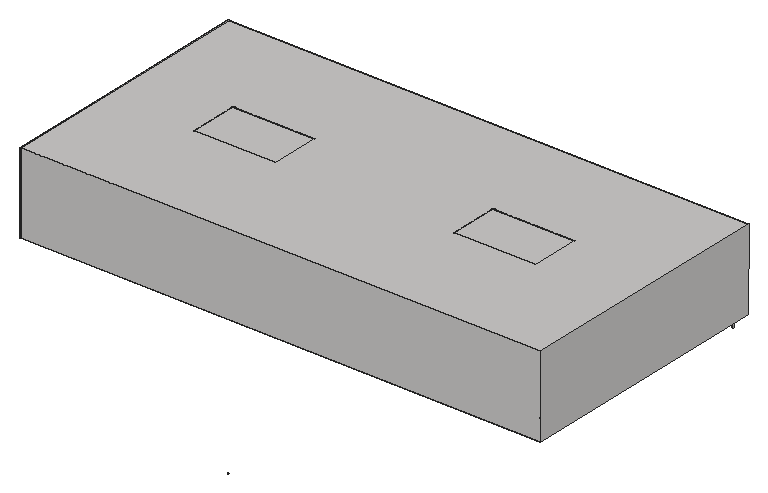
Revit family "QF_ELECTROLUXPROFESSIONAL_640283_VAP1632", category Attrezzature speciali, Revit 2021
Family settings
  Quota connettore circolare = Usa diametro
  Tipo di parte = Normale
  Basato su piano di lavoro = No
  Sempre verticale = Sì
  Taglio con vuoti quando caricato = No
  Condiviso = No
  Punto di calcolo locali = No
Parameters (values of type "Standard")
  Weight = 122.00 kg
  Watts = 0 W
  Volts = 0 V
  URL Manufacturer = "https://www.electroluxprofessional.com/"
  URL = "https://www.electroluxprofessional.com/"
  Steam Supply Size = 0 mm
  Steam Supply Minimum Pressure = 0.0 Pa
  Steam Supply Maximum Pressure = 0.0 Pa
  Steam Consumption per Hour = 0
  Refrigeration Suction Line Size = 0 mm
  Refrigeration Liquid Line Size = 0 mm
  Refrigerant Compressor Remote = yes
  Prospetto di default = 0 mm
  Produttore = "Electrolux Professional"
  Phase = 0
  Modello = "VAP1632"
  Length Actual = 3200 mm  # constant formula
  Item Number = "640283"
  Hot Water Size = 0 mm
  Height Actual = 500 mm  # constant formula
  HP = "0 HP"
  Gas Size = 0 mm
  Gas KW = 0
  Gas Input Pressure = 0 W
  Direct Waste Size = 0 mm
  Descrizione = "304 S/S WALL HOOD+DOUBLE FILTERS 320X160 CM"
  Depth Actual = 1600 mm  # constant formula
  Cycle = 0 Hz
  Condensate Return Size = 0 mm
  Compressed Air Volume = 0.0 L/s
  Compressed Air Size = 0 mm
  Compressed Air Pressure = 0.0 Pa
  Cold Water Size = 0 mm
  Accessory = yes
Reference planes
  plane 1: z = 0
  plane 2 "Center (Left/Right)": x = 150
  plane 3 "LEFT": x = -1450
  plane 4 "RIGHT": x = 1750
  plane 5 "BACK": y = 550
  plane 6 "TOP": z = 2500
  plane 7 "Base": z = 2000
  plane 8: z = 1970
  plane 9 "DrainY": y = 450
  plane 10: x = -1447
  plane 11 "DrainX": x = 1737
  plane 12 "AOLeft2": x = -400
  plane 13 "AORight1": x = 700
  plane 14: x = 1747
  plane 15: x = -1250
  plane 16: x = 1550
  plane 17: x = 50
  plane 18: x = 250
  plane 19 "Center (Front/Back)": y = -250
  plane 20 "Front": y = -1050
  plane 21 "AOLeft1": x = -900
  plane 22 "AORight2": x = 1200
  plane 23: through (0, 550, 2133.855) normal (0, 0.5299, 0.848)
  plane 24: through (0, -1050, 2133.855) normal (0, 0.5299, -0.848)
  plane 25: y = -100
  plane 26: y = -400
Forms (mm)
  Extrusion 1, solid, material "QF_Finishes_Stainless Steel"
    sketch origin (-1450, 0, 360) x (0, 1, 0) y (0, 0, 1)
      loop
        line (550, 1640) -> (550, 2140) -> (-1050, 2140) -> (-1050, 1640) -> (550, 1640)
    from 0 to 3
  Extrusion 2, solid, material "QF_Finishes_Stainless Steel"
    sketch origin (1750, 0, 360) x (0, 1, 0) y (0, 0, 1)
      loop
        line (550, 1640) -> (550, 2140) -> (-1050, 2140) -> (-1050, 1640) -> (550, 1640)
    from 0 to -3
  Extrusion 3, solid, material "QF_Finishes_Stainless Steel"
    sketch origin (150, 0, 360) x (0, 1, 0) y (0, 0, 1)
      loop
        line (-1050, 2140) -> (-1050, 1640) -> (-1040, 1640) -> (-1040, 1640.8) -> (-1049.2, 1640.8) -> (-1049.2, 2139.19) -> (549.2, 2139.19) -> (549.2, 1640.8) -> (540, 1640.8) -> (540, 1640) -> (550, 1640) -> (550, 2140) -> (-1050, 2140)
    from -1600 to 1600
  Extrusion 4, solid, material "QF_Finishes_Stainless Steel"
    sketch origin (0, 0, 2000) x (0, 1, 0) y (-1, 0, 0)
      loop
        circle (450, -1737) r 4.763
    from -30 to 0
  Extrusion 5, void
    sketch origin (0, 400, 2500) x (0, 1, 0) y (-1, 0, 0)
      loop
        line (-500, 400) -> (-500, 900) -> (-800, 900) -> (-800, 400) -> (-500, 400)
    from 0 to -10
  Extrusion 6, solid, material "QF_Finishes_Stainless Steel"
    sketch origin (0, 0, 0) x (1, 0, 0) y (0, 1, 0)
      loop
        line (-1450, 550) -> (-1450, 549) -> (-1449, 549) -> (-1449, 550) -> (-1450, 550)
    from 0 to 1
  Extrusion 7, solid, material "QF_Finishes_Stainless Steel"
    sketch origin (150, 0, 360) x (0, 1, 0) y (0, 0, 1)
      loop
        line (503.5, 1837.574) -> (207.375, 2022.621) -> (192.198, 1998.364) -> (488.366, 1813.348) -> (503.5, 1837.574)
      loop
        line (-1003.5, 1837.574) -> (-988.366, 1813.348) -> (-692.198, 1998.364) -> (-707.375, 2022.621) -> (-1003.5, 1837.574)
    from -1400 to -1597
  Extrusion 8, solid, material "QF_Finishes_Stainless Steel"
    sketch origin (150, 0, 360) x (0, 1, 0) y (0, 0, 1)
      loop
        line (549.2, 1775.312) -> (472.742, 1823.075) -> (472.313, 1822.387) -> (549.2, 1774.355) -> (549.2, 1775.312)
      loop
        line (202.48, 1991.938) -> (126.212, 2039.602) -> (-626.212, 2039.602) -> (-702.48, 1991.938) -> (-702.062, 1991.27) -> (-626, 2038.801) -> (126, 2038.801) -> (202.063, 1991.27) -> (202.48, 1991.938)
      loop
        line (-1049.2, 1775.312) -> (-1049.2, 1774.355) -> (-972.312, 1822.387) -> (-972.742, 1823.075) -> (-1049.2, 1775.312)
    from -1597 to 1597
  Extrusion 9, solid, material "QF_Finishes_Stainless Steel"
    sketch origin (150, 0, 360) x (0, 1, 0) y (0, 0, 1)
      loop
        line (-707.375, 2022.621) -> (-1003.5, 1837.574) -> (-988.366, 1813.348) -> (-692.198, 1998.364) -> (-707.375, 2022.621)
      loop
        line (503.5, 1837.574) -> (207.375, 2022.621) -> (192.198, 1998.364) -> (488.366, 1813.348) -> (503.5, 1837.574)
    from 1597 to 1400
  Extrusion 10, solid, material "QF_Finishes_Stainless Steel"
    sketch origin (150, 0, 360) x (0, 1, 0) y (0, 0, 1)
      loop
        line (-707.375, 2022.621) -> (-1003.5, 1837.574) -> (-988.366, 1813.348) -> (-692.198, 1998.364) -> (-707.375, 2022.621)
      loop
        line (503.5, 1837.574) -> (207.375, 2022.621) -> (192.198, 1998.364) -> (488.366, 1813.348) -> (503.5, 1837.574)
    from -100 to 100
  Extrusion 11, solid, material "QF_Finished_Chrome"
    sketch origin (150, 0, 360) x (0, 1, 0) y (0, 0, 1)
      loop
        line (503.5, 1837.574) -> (207.375, 2022.621) -> (192.198, 1998.364) -> (488.366, 1813.348) -> (503.5, 1837.574)
      loop
        line (-707.375, 2022.621) -> (-1003.5, 1837.574) -> (-988.366, 1813.348) -> (-692.198, 1998.364) -> (-707.375, 2022.621)
    from -1400 to -100
  Extrusion 12, solid, material "QF_Finished_Chrome"
    sketch origin (150, 0, 360) x (0, 1, 0) y (0, 0, 1)
      loop
        line (-707.375, 2022.621) -> (-1003.5, 1837.574) -> (-988.366, 1813.348) -> (-692.198, 1998.364) -> (-707.375, 2022.621)
      loop
        line (503.5, 1837.574) -> (207.375, 2022.621) -> (192.198, 1998.364) -> (488.366, 1813.348) -> (503.5, 1837.574)
    from 100 to 1400
  Sweep 13, solid, material "QF_Finishes_Stainless Steel"
    path origin (0, 0, 0) x (1, 0, 0) y (0, 1, 0)
      loop
        line (1750, 550) -> (-1450, 550) -> (-1450, -1050) -> (1750, -1050) -> (1750, 550)
    profile origin (1750, -250, 0) x (1, 0, 0) y (0, 0, 1)
      loop
        line (-3, 2000) -> (-3, 2000.8) -> (-19, 2000.8) -> (-19, 2010) -> (-20, 2010) -> (-20, 2000) -> (-3, 2000)
  Extrusion 14, void
    sketch origin (0, 400, 2500) x (0, 1, 0) y (-1, 0, 0)
      loop
        line (-500, -1200) -> (-500, -700) -> (-800, -700) -> (-800, -1200) -> (-500, -1200)
    from 0 to -10
Cuts and joins
  Extrusion 5, Extrusion 14 cuts Extrusion 3
  joined: Extrusion 2, Extrusion 3, Sweep 13
Lines and regions (mm)
  symbolic lines, style "SpecialityEquipment", detail levels coarse
    curve 1: line (1750, 550, 2500) -> (-1450, 550, 2500)
    curve 2: line (-1450, 550, 2500) -> (-1450, -1050.8, 2500)
    curve 3: line (1750, -1050.8, 2500) -> (1750, 550, 2500)
    curve 4: line (-1450, 550, 0) -> (1750, -1050, 0)
    curve 5: line (1750, 550, 0) -> (-1450, -1050, 0)
  symbolic lines, detail levels coarse
    curve 6: line (-1450, -1050, 0) -> (1750, -1050, 0)
    curve 7: line (-400, -100, 0) -> (-900, -100, 0)
    curve 8: line (-400, -400, 0) -> (-400, -100, 0)
    curve 9: line (-900, -400, 0) -> (-400, -400, 0)
    curve 10: line (-900, -100, 0) -> (-900, -400, 0)
    curve 11: line (1200, -100, 0) -> (700, -100, 0)
    curve 12: line (1200, -400, 0) -> (1200, -100, 0)
    curve 13: line (700, -400, 0) -> (1200, -400, 0)
    curve 14: line (700, -100, 0) -> (700, -400, 0)
Dimensions and locks
  plane 3 "LEFT" to plane 4 "RIGHT" = 3200 mm
  equal spacing: plane 3 "LEFT", plane 2 "Center (Left/Right)", plane 4 "RIGHT"
  plane 7 "Base" to plane 8 = 30 mm
  plane 5 "BACK" to plane 9 "DrainY" = 100 mm  (x2)
  plane 3 "LEFT" to plane 10 = 3 mm
  plane 11 "DrainX" to plane 4 "RIGHT" = 13 mm
  plane 14 to plane 4 "RIGHT" = 3 mm
  plane 3 "LEFT" to plane 15 = 200 mm
  plane 16 to plane 4 "RIGHT" = 200 mm
  locked: plane 12 "AOLeft2" to plane 13 "AORight1" at 1100
  equal spacing: plane 12 "AOLeft2", plane 2 "Center (Left/Right)", plane 13 "AORight1"
  locked: plane 7 "Base" to level at 2000
  locked: plane 6 "TOP" to plane 7 "Base" at 500
  locked: plane 17 to plane 18 at 200
  equal spacing: plane 17, plane 2 "Center (Left/Right)", plane 18
  plane 5 "BACK" to plane 20 "Front" = 1600 mm  (x2)
  equal spacing: plane 5 "BACK", plane 19 "Center (Front/Back)", plane 20 "Front"
  plane 21 "AOLeft1" to plane 12 "AOLeft2" = 500 mm
  plane 13 "AORight1" to plane 22 "AORight2" = 500 mm
  locked: plane 25 to plane 26 at 300
  equal spacing: plane 25, plane 19 "Center (Front/Back)", plane 26
  aligned and locked: level to plane 1
  aligned and locked: plane 4 "RIGHT" to Extrusion 3
  aligned and locked: Extrusion 3 to plane 3 "LEFT"
  aligned and locked: Extrusion 7 to plane 10
  aligned and locked: Extrusion 7 to plane 15
  aligned and locked: Extrusion 2 to plane 14
  aligned and locked: plane 14 to Extrusion 9
  aligned and locked: plane 16 to Extrusion 9
  aligned and locked: Extrusion 10 to plane 18
  aligned and locked: Extrusion 10 to plane 17
  aligned and locked: Extrusion 11 to plane 17
  aligned and locked: Extrusion 11 to plane 15
  aligned and locked: Extrusion 12 to plane 18
  aligned and locked: Extrusion 12 to plane 16
  aligned and locked: Extrusion 8 to plane 10
  aligned and locked: Extrusion 8 to plane 14
  aligned and locked: Extrusion 1 to plane 20 "Front"
  aligned and locked: Extrusion 5 to plane 21 "AOLeft1"
  aligned and locked: Extrusion 5 to plane 12 "AOLeft2"
  aligned and locked: plane 13 "AORight1" to Extrusion 14
  aligned and locked: plane 22 "AORight2" to Extrusion 14
  aligned and locked: plane 25 to curve 7
  aligned and locked: curve 9 to plane 26
  aligned and locked: plane 25 to curve 11
  aligned and locked: curve 13 to plane 26
  aligned and locked: plane 25 to Extrusion 5 sketch curve
  aligned and locked: Extrusion 5 sketch curve to plane 26
  aligned and locked: plane 25 to Extrusion 14 sketch curve
Automatic sketch dimensions
  curve 6 to plane 3 "LEFT" = 0 mm
  curve 4 to plane 3 "LEFT" = 0 mm
  curve 5 to plane 4 "RIGHT" = 0 mm
  curve 6 to plane 4 "RIGHT" = 0 mm
  curve 4 to plane 20 "Front" = 0 mm
  curve 5 to plane 5 "BACK" = 0 mm
  curve 4 to plane 5 "BACK" = 0 mm
  curve 2 to plane 3 "LEFT" = 0 mm
  curve 3 to plane 4 "RIGHT" = 0 mm
  curve 2 to plane 5 "BACK" = 0 mm
  curve 3 to plane 20 "Front" = 0.8 mm
  curve 2 to plane 20 "Front" = 0.8 mm
  Extrusion 1 sketch curve to plane 7 "Base" = 0 mm
  Extrusion 1 sketch curve to plane 20 "Front" = 0 mm
  Extrusion 1 sketch curve to plane 5 "BACK" = 0 mm
  Extrusion 1 sketch curve to plane 6 "TOP" = 0 mm
  Extrusion 2 sketch curve to plane 7 "Base" = 0 mm
  Extrusion 2 sketch curve to plane 20 "Front" = 0 mm
  Extrusion 2 sketch curve to plane 5 "BACK" = 0 mm
  Extrusion 2 sketch curve to plane 6 "TOP" = 0 mm
  Extrusion 3 sketch curve to plane 6 "TOP" = 0 mm
  Extrusion 3 sketch curve to plane 20 "Front" = 0 mm
  Extrusion 3 sketch curve to plane 7 "Base" = 0 mm  (x2)
  Extrusion 3 sketch curve to plane 5 "BACK" = 0 mm
  plane 20 "Front" to Extrusion 3 sketch curve = 0.8 mm
  Extrusion 3 sketch curve to Extrusion 3 sketch curve = 9.2 mm
  plane 7 "Base" to Extrusion 3 sketch curve = 0.8 mm  (x2)
  Extrusion 3 sketch curve to plane 5 "BACK" = 10 mm
  Extrusion 3 sketch curve to plane 5 "BACK" = 0.8 mm
  Extrusion 3 sketch curve to plane 6 "TOP" = 0.81 mm
  Extrusion 4 sketch curve to plane 9 "DrainY" = 0 mm
  Extrusion 4 sketch curve to plane 11 "DrainX" = 0 mm
  Extrusion 5 sketch curve to plane 12 "AOLeft2" = 0 mm
  Extrusion 5 sketch curve to plane 21 "AOLeft1" = 0 mm
  Extrusion 6 sketch curve to plane 3 "LEFT" = 0 mm
  Extrusion 6 sketch curve to plane 5 "BACK" = 0 mm
  plane 3 "LEFT" to Extrusion 6 sketch curve = 1 mm
  Extrusion 6 sketch curve to Extrusion 6 sketch curve = 1 mm
  Sweep 13 sketch curve to plane 3 "LEFT" = 0 mm
  Sweep 13 sketch curve to plane 4 "RIGHT" = 0 mm
  Sweep 13 sketch curve to plane 20 "Front" = 0 mm
  Sweep 13 sketch curve to plane 5 "BACK" = 0 mm
  profile plane to Sweep 13 sketch curve = 20 mm
  Sweep 13 sketch curve to Sweep 13 sketch curve = 1 mm
  profile plane to Sweep 13 sketch curve = 3 mm
  level to Sweep 13 sketch curve = 2000 mm
  Sweep 13 sketch curve to Sweep 13 sketch curve = 0.8 mm
  Sweep 13 sketch curve to Sweep 13 sketch curve = 9.2 mm
  Extrusion 14 sketch curve to plane 12 "AOLeft2" = 1600 mm
  plane 21 "AOLeft1" to Extrusion 14 sketch curve = 1600 mm
  curve 8 to plane 12 "AOLeft2" = 0 mm
  curve 9 to plane 21 "AOLeft1" = 0 mm
  curve 11 to plane 13 "AORight1" = 0 mm
  curve 12 to plane 22 "AORight2" = 0 mm
  plane 20 "Front" to Extrusion 8 sketch curve = 0.8 mm
  Extrusion 8 sketch curve to Extrusion 8 sketch curve = 0.43 mm  (x2)
  Extrusion 8 sketch curve to Extrusion 8 sketch curve = 0.418 mm  (x2)
  Extrusion 8 sketch curve to plane 9 "DrainY" = 324 mm
  Extrusion 8 sketch curve to plane 6 "TOP" = 100.398 mm
  Extrusion 8 sketch curve to Extrusion 8 sketch curve = 0.212 mm  (x2)
  Extrusion 8 sketch curve to Extrusion 8 sketch curve = 76.063 mm
  Extrusion 8 sketch curve to plane 6 "TOP" = 148.062 mm
  plane 9 "DrainY" to Extrusion 8 sketch curve = 22.313 mm
  Extrusion 8 sketch curve to plane 5 "BACK" = 0.8 mm
  plane 7 "Base" to Extrusion 8 sketch curve = 134.355 mm  (x2)
  Extrusion 8 sketch curve to Extrusion 8 sketch curve = 0.957 mm  (x2)
  Extrusion 8 sketch curve to Extrusion 8 sketch curve = 0.669 mm
  Extrusion 8 sketch curve to Extrusion 8 sketch curve = 76.268 mm
  Extrusion 8 sketch curve to Extrusion 8 sketch curve = 0.801 mm
  Extrusion 7 sketch curve to plane 9 "DrainY" = 257.802 mm
  Extrusion 7 sketch curve to plane 6 "TOP" = 117.379 mm
  Extrusion 7 sketch curve to Extrusion 7 sketch curve = 15.177 mm  (x2)
  plane 9 "DrainY" to Extrusion 7 sketch curve = 38.366 mm
  Extrusion 7 sketch curve to Extrusion 7 sketch curve = 15.134 mm
  plane 7 "Base" to Extrusion 7 sketch curve = 173.348 mm  (x2)
  Extrusion 7 sketch curve to Extrusion 7 sketch curve = 24.226 mm  (x2)
  Extrusion 7 sketch curve to Extrusion 7 sketch curve = 24.257 mm
  Extrusion 11 sketch curve to plane 5 "BACK" = 46.5 mm
  plane 7 "Base" to Extrusion 11 sketch curve = 197.574 mm
  Extrusion 11 sketch curve to Extrusion 11 sketch curve = 15.134 mm  (x2)
  Extrusion 11 sketch curve to plane 6 "TOP" = 117.379 mm
  Extrusion 11 sketch curve to Extrusion 11 sketch curve = 24.226 mm  (x2)
  Extrusion 11 sketch curve to Extrusion 11 sketch curve = 15.177 mm  (x2)
  Extrusion 11 sketch curve to Extrusion 11 sketch curve = 24.257 mm  (x2)
  Extrusion 11 sketch curve to plane 6 "TOP" = 141.636 mm
  Extrusion 10 sketch curve to plane 6 "TOP" = 117.379 mm  (x2)
  Extrusion 10 sketch curve to Extrusion 10 sketch curve = 24.257 mm  (x2)
  Extrusion 10 sketch curve to Extrusion 10 sketch curve = 24.226 mm  (x2)
  Extrusion 10 sketch curve to Extrusion 10 sketch curve = 15.177 mm  (x2)
  plane 9 "DrainY" to Extrusion 10 sketch curve = 38.366 mm
  Extrusion 10 sketch curve to Extrusion 10 sketch curve = 15.134 mm  (x2)
  plane 7 "Base" to Extrusion 10 sketch curve = 173.348 mm
  Extrusion 12 sketch curve to plane 6 "TOP" = 117.379 mm
  Extrusion 12 sketch curve to Extrusion 12 sketch curve = 15.177 mm  (x2)
  Extrusion 12 sketch curve to Extrusion 12 sketch curve = 24.257 mm  (x2)
  Extrusion 12 sketch curve to plane 6 "TOP" = 141.636 mm
  plane 7 "Base" to Extrusion 12 sketch curve = 197.574 mm  (x2)
  Extrusion 12 sketch curve to plane 9 "DrainY" = 257.802 mm
  plane 9 "DrainY" to Extrusion 12 sketch curve = 38.366 mm
  Extrusion 12 sketch curve to Extrusion 12 sketch curve = 15.134 mm  (x2)
  Extrusion 9 sketch curve to plane 6 "TOP" = 117.379 mm  (x2)
  Extrusion 9 sketch curve to Extrusion 9 sketch curve = 24.257 mm  (x2)
  Extrusion 9 sketch curve to Extrusion 9 sketch curve = 24.226 mm  (x2)
  Extrusion 9 sketch curve to plane 5 "BACK" = 46.5 mm
  plane 7 "Base" to Extrusion 9 sketch curve = 197.574 mm
  Extrusion 9 sketch curve to Extrusion 9 sketch curve = 15.134 mm  (x2)
  Extrusion 9 sketch curve to Extrusion 9 sketch curve = 15.177 mm  (x2)
  Extrusion 7 sketch curve to plane 6 "TOP" = 141.636 mm
  plane 20 "Front" to Extrusion 7 sketch curve = 357.802 mm
  plane 20 "Front" to Extrusion 7 sketch curve = 61.634 mm
  plane 20 "Front" to Extrusion 8 sketch curve = 77.258 mm
  Extrusion 8 sketch curve to Extrusion 8 sketch curve = 270.262 mm
  plane 20 "Front" to Extrusion 9 sketch curve = 357.802 mm
  plane 20 "Front" to Extrusion 9 sketch curve = 61.634 mm
  plane 20 "Front" to Extrusion 10 sketch curve = 357.802 mm
  plane 20 "Front" to Extrusion 10 sketch curve = 61.634 mm
  plane 20 "Front" to Extrusion 11 sketch curve = 357.802 mm
  plane 20 "Front" to Extrusion 11 sketch curve = 61.634 mm
  plane 20 "Front" to Extrusion 12 sketch curve = 357.802 mm
  plane 20 "Front" to Extrusion 12 sketch curve = 61.634 mm
  Extrusion 14 sketch curve to Extrusion 14 sketch curve = 300 mm
  radius of Extrusion 4 sketch curve = 4.763 mm
Connectors
  piping at (1737, 450, 1970), diameter 9.5
    settings: on Extrusion 4, index 1, connector inside diameter 609.6 mm, connector length 0 mm, flow factor 0, pipe flow 0.0 L/s, pressure drop 0.0 Pa, fitting loss kfactor 0, connector angle 0.00°, fixture units 0, engagement length 0 mm, angle of deflection 0.00°, flow configuration 1, flow direction 2, fitting loss method 0, system type 16, joint type 0, gender type 0, connector reference index -1, connector utility 0, adjustable connector no, is connector primary yes, connector description "Drain"
  hvac at (-650, -250, 2500)
    settings: on Extrusion 5, index 2, duct flow 0.0 L/s, flow factor 0, pres drop 0.0 Pa, loss coef 0, conn angle 0.00°, conn width 300 mm, conn height 500 mm, conn diameter 609.6 mm, duct sys type 3, conn prof type 1, flow config 1, flow direction 2, loss method 0, conn ref index -1, conn util no, is conn primary yes, conn desc "EXHAUST OUTLET"
  hvac at (950, -250, 2500)
    settings: on Extrusion 14, index 3, duct flow 0.0 L/s, flow factor 0, pres drop 0.0 Pa, loss coef 0, conn angle 0.00°, conn width 300 mm, conn height 500 mm, conn diameter 609.6 mm, duct sys type 3, conn prof type 1, flow config 1, flow direction 2, loss method 0, conn ref index -1, conn util no, is conn primary no, conn desc "EXHAUST OUTLET"
